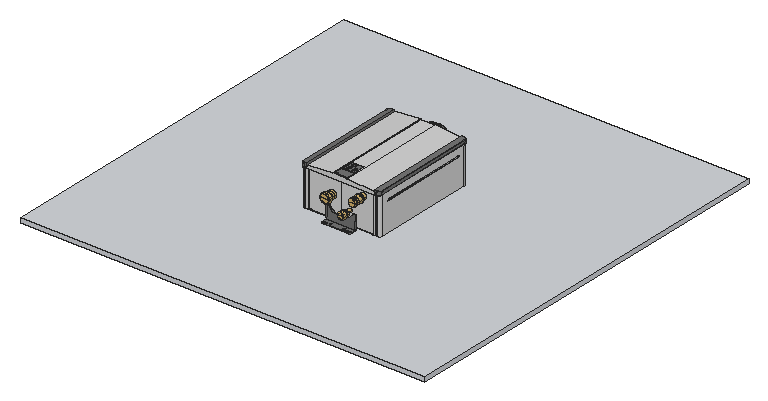
Revit family "Water_Heater-Rinnai-Ultra-Condensing-Tankless-RUC98i", category Mechanical Equipment, host Face, Revit 2012
Parameters (values of type "Standard")
  Width = 18 1/2"  # constant formula
  Wattage = 75 W
  Warranty URL = "https://www.rinnai.us/documentation/downloads/Ultra_Series_Warranty_English.pdf"
  Voltage = 120 V
  Venting = "Direct Vent system 3-4\" configurations"
  Unit = Metal - Rinnai - Aluminum Frame - Painted White
  URL = "https://rinnai.us/"
  Temperature Settings = "98° - 140° F"  # constant formula
  Subcategory = "Tankless Water Heaters"  # constant formula
  Spec Sheet URL = "https://www.rinnai.us/documentation/downloads/RUC98i-SP.pdf"
  Product Page URL = "https://rinnai.us/water-heater/product/ruc98i-reu-kbd3237ffud"
  Natural Gas = yes
  Model = "REU-KBD3237FFUD-US"  # constant formula
  Max Amperage = 8 A
  Manufacturer Phone - Toll Free = "800-621-9419"  # constant formula
  Manufacturer Phone = "800-621-9419"  # constant formula
  Manufacturer Fax = "678-829-1666"  # constant formula
  Manufacturer Email = "mailto:engineering@rinnai.us"
  Manufacturer Address = "103 International Drive, Peachtree City, GA 30269"  # constant formula
  Manufacturer = "Rinnai America Corporation"  # constant formula
  Liquid Propane = yes
  Interference = Glass - Rinnai - Clear - Amber
  Installation URL = "https://www.rinnai.us/documentation/downloads/100000367.pdf"
  Installation Location = "Indoor only"  # constant formula
  Ignition System = "Direct electronic ignition"  # constant formula
  Hot Water Connection = "Hot Water Connector"  # constant formula
  Height = 26"  # constant formula
  Panel = Metal - Rinnai - Aluminum Frame - Painted White
  Gas Supply Pressure Min = "4\" (NG); 8\" (Propane)"
  Gas Supply Pressure Max = "10.5\" (NG); 13.5\" (Propane)"
  Gas Manifold Pressure Low Fire = ".42\" (NG); .47\" (Propane)"
  Gas Manifold Pressure High Fire = "3\" (NG); 3.5\" (Propane)"
  Gas Input Rate = 199.0 Btu/h
  Gas Input Range = "15,200 - 199,000 BTU/h"  # constant formula
  Gas Connection = "Gas Connector"  # constant formula
  Frequency = 60 Hz
  Electrical Consumption Range = "Normal: 75 w, Standby: 2 w"  # constant formula
  Dry Weight = 61.70 lbf
  Description = "Tankless Water Heater"  # constant formula
  Depth = 10"  # constant formula
  Default Elevation = 48"
  Combustion Air = "Indoor"  # constant formula
  Combustibles = yes
  Cold Water Connection = "Cold Water Connector"  # constant formula
  Clearance for Top = 6"  # constant formula
  Clearance for Sides = 2"  # constant formula
  Clearance for Ground or Bottom = 12"  # constant formula
  Clearance for Front = 6"  # constant formula
  Cap = Metal - Rinnai - Aluminum - Polished Sliver
  Assembly Code = ""
  Applicable Altitude Range = "0-10,200ft (0-3,109m)"  # constant formula
  95 CSI = ""
  04 CSI = ""
Reference planes (in)
  plane 1 "Center (Front/Back)": y = 0
  plane 2: z = 0
  plane 3 "Center (Left/Right)": x = 0
  plane 4: y = 13
  plane 5: y = -13
  plane 6: x = -9.25
  plane 7: x = 9.25
  plane 8: z = 10.5501
  plane 9: z = 0.5501
  plane 10: y = -12.67027
Forms (in)
  Extrusion 1, solid
    sketch origin (0, 0, 0) x (1, 0, 0) y (0, 1, 0)
      loop
        line (-48, 48) -> (-48, -48) -> (48, -48) -> (48, 48) -> (-48, 48)
    from 0 to -1
  Sweep 2, solid, material "Glass - Rinnai - Clear - Amber" <- "Interference", not visible
    path origin (0, 0, 0) x (1, 0, 0) y (0, 1, 0)
      loop
        line (0, 19) -> (0, -25)
    profile origin (0, -3, 0) x (1, 0, 0) y (0, 0, 1)
      loop
        line (11.25, 16.72205) -> (-11.25, 16.72205) -> (-11.25, 0) -> (11.25, 0) -> (11.25, 16.72205)
Dimensions and locks (in)
  equal spacing: plane 6, plane 3 "Center (Left/Right)", plane 7
  "Width": plane 6 to plane 7
  equal spacing: plane 4, plane 1 "Center (Front/Back)", plane 5
  "Height": plane 4 to plane 5
  locked: level to plane 9 at 0.5501
  "Depth": plane 9 to plane 8
  aligned and locked: plane 2 to Extrusion 1
  aligned and locked: level to Extrusion 1
  aligned and locked: Sweep 2 sketch curve to plane 3 "Center (Left/Right)"
  aligned and locked: Sweep 2 sketch curve to Extrusion 1
  aligned and locked: plane 4 to nested 1
  aligned and locked: nested 1 to plane 2
  aligned and locked: nested 2 to plane 10
Automatic sketch dimensions
  Extrusion 1 sketch curve to Extrusion 1 sketch curve = 96"  (x2)
  plane 4 to Sweep 2 sketch curve = 6"
  plane 5 to Sweep 2 sketch curve = 12"
  profile plane to Sweep 2 sketch curve = 11 1/4"
  Sweep 2 sketch curve to profile plane = 11 1/4"
  Sweep 2 sketch curve to Sweep 2 sketch curve = 16.72205"
Nested families (in)
  nested 1: "Water Heater" at (-0.01433, 0.15, 0.59055), type "RUC98i"
  nested 2: "Pipes" at (0.375, -14.00885, 0), type "Pipes"
Connectors (in)
  piping at (5.07663, -15.93915, 7.82256), driven by "Gas Connection"
    settings: on nested 2, index 1, connector radius 0.8", flow factor 0, pipe flow 0.00 GPM, pressure drop 0.00 psi, fitting loss kfactor 0, connector angle 0.00°, fixture units 0, engagement length 0", flow configuration 0, flow direction 1, fitting loss method 0, system type 7, joint type 0, gender type 0, connector reference index -1, connector utility 1, adjustable connector no, is connector primary yes, fitting loss table "", connector description "Gas Connector"
  piping at (-2.19504, -14.95475, 5.73209), driven by "Cold Water Connection"
    settings: on nested 2, index 2, connector radius 1", flow factor 0, pipe flow 0.00 GPM, pressure drop 0.00 psi, fitting loss kfactor 0, connector angle 0.00°, fixture units 0, engagement length 0", flow configuration 0, flow direction 2, fitting loss method 0, system type 20, joint type 0, gender type 0, connector reference index -1, connector utility 1, adjustable connector no, is connector primary no, fitting loss table "", connector description "Cold Water Connector"
  piping at (2.02329, -15.52897, 3.75493), driven by "Hot Water Connection"
    settings: on nested 2, index 3, connector radius 0.7", flow factor 0, pipe flow 0.00 GPM, pressure drop 0.00 psi, fitting loss kfactor 0, connector angle 0.00°, fixture units 0, engagement length 0", flow configuration 0, flow direction 2, fitting loss method 0, system type 19, joint type 0, gender type 0, connector reference index -1, connector utility 1, adjustable connector no, is connector primary no, fitting loss table "", connector description "Hot Water Connector"
  piping at (-0.02414, 16.39706, 6.6882), driven by "Cold Water Connection"
    settings: on nested 1, index 4, connector radius 2", flow factor 0, pipe flow 0.00 GPM, pressure drop 0.00 psi, fitting loss kfactor 0, connector angle 0.00°, fixture units 0, engagement length 0", flow configuration 0, flow direction 1, fitting loss method 0, system type 20, joint type 0, gender type 0, connector reference index -1, connector utility 1, adjustable connector no, is connector primary no, fitting loss table "", connector description "Cold Water Connector"
Definition of nested family "Water Heater"
  Parameters (values of type "RUC98i")
    Unit = Metal - Rinnai - Aluminum Frame - Painted White
    Door = Metal - Rinnai - Aluminum - Polished Sliver
    Display = Metal - Rinnai - Aluminum Frame - Painted White
    Default Elevation = 48"
    Clamp = Metal - Rinnai - Aluminum Frame - Painted White
  Reference planes (in)
    plane 1 "Center (Front/Back)": y = 0
    plane 2: z = 0
    plane 3 "Center (Left/Right)": x = 0
    plane 4: y = 12.85
    plane 5: x = -9.25
    plane 6: x = 9.25
    plane 7: z = 10.1
    plane 8: z = 8.75945
    plane 9: z = -0.20842
    plane 10: z = 3.97008
    plane 11: x = 4.33
    plane 12: x = 1.17
    plane 13: z = 1.61008
    plane 14: x = -2.89
    plane 15: z = 3.20008
    plane 16: y = 15.52
    plane 17: x = 0
    plane 18: x = 5.09845
    plane 19: z = 7.0748
    plane 20: z = 2.99213
    plane 21: x = 2.10239
    plane 22: z = 5.00787
    plane 23: x = -2.12399
    plane 24: z = -0.59055
    plane 25: z = -0.15205
    plane 26: z = -0.59055
    plane 27: z = 2.71654
    plane 28: x = -3.49407
    plane 29: x = 3.46656
    plane 30: x = -3.49407
    plane 31: x = 3.46656
    plane 32: y = -13.15
    plane 33: z = 9.95876
  Forms (in)
    Extrusion 1, solid, material "Metal - Rinnai - Aluminum Frame - Painted White" <- "Unit", detail levels medium+fine
      sketch origin (0, 0, 0) x (1, 0, 0) y (0, 1, 0)
        loop
          arc (-8.5, 12.72578) -> (-9.03033, 12.50611) -> (-9.25, 11.97578) r 0.75
          line (-9.25, 11.97578) -> (-9.25, -12.07027)
          arc (-9.25, -12.07027) -> (-9.03033, -12.6006) -> (-8.5, -12.82027) r 0.75
          line (-8.5, -12.82027) -> (-7.75409, -12.82027)
          arc (-7.75409, -12.82027) -> (-7.72259, -12.78878) -> (-7.75409, -12.75728) r 0.0315
          line (-7.75409, -12.75728) -> (-8.33874, -12.75728)
          arc (-8.33874, -12.75728) -> (-8.86907, -12.53761) -> (-9.08874, -12.00728) r 0.75
          line (-9.08874, -12.00728) -> (-9.08874, 11.87342)
          arc (-9.08874, 11.87342) -> (-8.86907, 12.40375) -> (-8.33874, 12.62342) r 0.75
          line (-8.33874, 12.62342) -> (8.33874, 12.62342)
          arc (8.33874, 12.62342) -> (8.86907, 12.40375) -> (9.08874, 11.87342) r 0.75
          line (9.08874, 11.87342) -> (9.08874, -12.00728)
          arc (9.08874, -12.00728) -> (8.86907, -12.53761) -> (8.33874, -12.75728) r 0.75
          line (8.33874, -12.75728) -> (7.75409, -12.75728)
          arc (7.75409, -12.75728) -> (7.72259, -12.78878) -> (7.75409, -12.82027) r 0.0315
          line (7.75409, -12.82027) -> (8.5, -12.82027)
          arc (8.5, -12.82027) -> (9.03033, -12.6006) -> (9.25, -12.07027) r 0.75
          line (9.25, -12.07027) -> (9.25, 11.97578)
          arc (9.25, 11.97578) -> (9.03033, 12.50611) -> (8.5, 12.72578) r 0.75
          line (8.5, 12.72578) -> (-8.5, 12.72578)
      from -0.04045 to 8.98484
    Extrusion 2, solid, material "Metal - Rinnai - Aluminum Frame - Painted White" <- "Unit", detail levels medium+fine
      sketch origin (0, 0, 0) x (1, 0, 0) y (0, 1, 0)
        loop
          arc (-7.94561, -12.71791) -> (-7.96958, -12.73044) -> (-7.97296, -12.75728) r 0.02918
          line (-7.97296, -12.75728) -> (0.00974, -12.75728) -> (7.97296, -12.75728)
          arc (7.97296, -12.75728) -> (7.96958, -12.73044) -> (7.94561, -12.71791) r 0.02918
          line (7.94561, -12.71791) -> (-0.00497, -12.71791) -> (-7.94561, -12.71791)
      from 0 to 8.75945
    Sweep 3, solid, material "Metal - Rinnai - Aluminum Frame - Painted White" <- "Unit", detail levels medium+fine
      path origin (-19.30772, -180, -0.04045) x (-1, 0, 0) y (0, -1, 0)
        loop
          line (-27.06181, -167.17973) -> (-27.80772, -167.17973)
          arc (-27.80772, -167.17973) -> (-28.33805, -167.3994) -> (-28.55772, -167.92973) r 0.75
          line (-28.55772, -167.92973) -> (-28.55772, -191.97578)
          arc (-28.55772, -191.97578) -> (-28.33805, -192.50611) -> (-27.80772, -192.72578) r 0.75
          line (-27.80772, -192.72578) -> (-10.80772, -192.72578)
          arc (-10.80772, -192.72578) -> (-10.27739, -192.50611) -> (-10.05772, -191.97578) r 0.75
          line (-10.05772, -191.97578) -> (-10.05772, -167.92973)
          arc (-10.05772, -167.92973) -> (-10.27739, -167.3994) -> (-10.80772, -167.17973) r 0.75
          line (-10.80772, -167.17973) -> (-11.55363, -167.17973)
      profile origin (8.12705, -12.82027, -0.04045) x (0, 1, 0) y (0, 0, 1)
        loop
          arc (0, 0.0315) -> (0.00922, 0.00922) -> (0.0315, 0) r 0.0315
          line (0.0315, 0) -> (0.0315, 0.0315) -> (0, 0.0315)
    Extrusion 4, void, detail levels medium+fine
      sketch origin (0, 0, 0.23337) x (1, 0, 0) y (0, 0, 1)
        loop
          line (9.53125, 10.9934) -> (-9.53125, 10.9934) -> (-9.53125, 8.72022) -> (-8.09256, 8.72022) -> (-8.09256, 9.1595)
          arc (-8.09256, 9.1595) -> (-4.06175, 9.66364) -> (0, 9.72539) r 37.20967
          arc (0, 9.72539) -> (4.06175, 9.66364) -> (8.09256, 9.1595) r 37.20967
          line (8.09256, 9.1595) -> (8.09256, 8.72022) -> (9.53125, 8.72022) -> (9.53125, 10.9934)
      from -15.04938 to 15.10382
    Extrusion 5, solid, material "Metal - Rinnai - Aluminum Frame - Painted White" <- "Display", detail levels medium+fine
      sketch origin (0, 0, 0) x (1, 0, 0) y (0, 1, 0)
        loop
          line (8.58208, 12.85) -> (-8.63521, 12.85)
          arc (-8.63521, 12.85) -> (-9.06993, 12.66993) -> (-9.25, 12.23521) r 0.61479
          line (-9.25, 12.23521) -> (-9.25, -12.55655)
          arc (-9.25, -12.55655) -> (-9.07618, -12.97618) -> (-8.65655, -13.15) r 0.59345
          line (-8.65655, -13.15) -> (8.56688, -13.15)
          arc (8.56688, -13.15) -> (9.04992, -12.94992) -> (9.25, -12.46688) r 0.68312
          line (9.25, -12.46688) -> (9.25, 12.18208)
          arc (9.25, 12.18208) -> (9.05437, 12.65437) -> (8.58208, 12.85) r 0.66792
      from 8.75945 to 10.8032
    Extrusion 6, solid, material "Metal - Rinnai - Aluminum - Polished Sliver" <- "Door", detail levels medium+fine
      sketch origin (0, 0, 0) x (1, 0, 0) y (0, 1, 0)
        loop
          arc (-8.52756, 12.84217) -> (-9.05789, 12.6225) -> (-9.27756, 12.09217) r 0.75
          line (-9.27756, 12.09217) -> (-9.27756, -12.4)
          arc (-9.27756, -12.4) -> (-9.05789, -12.93033) -> (-8.52756, -13.15) r 0.75
          line (-8.52756, -13.15) -> (-8.09256, -13.15) -> (-8.09256, 12.84217) -> (-8.52756, 12.84217)
        loop
          line (8.52756, 12.84217) -> (8.09256, 12.84217) -> (8.09256, -13.15) -> (8.52756, -13.15)
          arc (8.52756, -13.15) -> (9.05789, -12.93033) -> (9.27756, -12.4) r 0.75
          line (9.27756, -12.4) -> (9.27756, 12.09217)
          arc (9.27756, 12.09217) -> (9.05789, 12.6225) -> (8.52756, 12.84217) r 0.75
      from 8.95359 to 9.96783
    Extrusion 7, solid, material "Metal - Rinnai - Aluminum Frame - Painted White" <- "Unit", detail levels coarse
      sketch origin (0, 0, 0) x (1, 0, 0) y (0, 1, 0)
        loop
          line (9.25, -14.56214) -> (9.25, 16.24706) -> (-9.25, 16.24706) -> (-9.25, -14.56214) -> (9.25, -14.56214)
      from -0.59055 to 9.95876
    Extrusion 8, solid, material "Metal - Rinnai - Aluminum Frame - Painted White" <- "Unit", detail levels medium+fine
      sketch origin (0, 0, 0) x (1, 0, 0) y (0, 1, 0)
        loop
          arc (-7.94561, -12.71791) -> (-7.96958, -12.73044) -> (-7.97296, -12.75728) r 0.02918
          line (-7.97296, -12.75728) -> (0.00974, -12.75728) -> (7.97296, -12.75728)
          arc (7.97296, -12.75728) -> (7.96958, -12.73044) -> (7.94561, -12.71791) r 0.02918
          line (7.94561, -12.71791) -> (-0.00497, -12.71791) -> (-7.94561, -12.71791)
      from 0 to 8.75945
    Extrusion 9, void
      sketch origin (0, 0, 0.15514) x (1, 0, 0) y (0, 0, 1)
        loop
          arc (1.60849, 9.74656) -> (1.69001, 9.75729) -> (1.76597, 9.78875) r 0.31496
          line (1.76597, 9.78875) -> (2.03915, 9.94647)
          arc (2.03915, 9.94647) -> (2.1341, 9.9858) -> (2.236, 9.99922) r 0.3937
          line (2.236, 9.99922) -> (2.236, 10.43872) -> (-2.23606, 10.43872) -> (-2.23606, 9.99922)
          arc (-2.23606, 9.99922) -> (-2.13416, 9.9858) -> (-2.0392, 9.94647) r 0.3937
          line (-2.0392, 9.94647) -> (-1.76603, 9.78875)
          arc (-1.76603, 9.78875) -> (-1.69007, 9.75729) -> (-1.60855, 9.74656) r 0.31496
          line (-1.60855, 9.74656) -> (1.60849, 9.74656)
      from -14.53617 to 14.5778
    Extrusion 10, solid, material "Metal - Rinnai - Aluminum Frame - Painted White" <- "Unit", detail levels medium+fine
      sketch origin (0, 0, 0) x (1, 0, 0) y (0, 1, 0)
        loop
          arc (-9.08874, -12.00728) -> (-8.86907, -12.53761) -> (-8.33874, -12.75728) r 0.75
          line (-8.33874, -12.75728) -> (-7.75409, -12.75728) -> (8.33874, -12.75728)
          arc (8.33874, -12.75728) -> (8.86907, -12.53761) -> (9.08874, -12.00728) r 0.75
          line (9.08874, -12.00728) -> (9.08874, 11.87342)
          arc (9.08874, 11.87342) -> (8.86907, 12.40375) -> (8.33874, 12.62342) r 0.75
          line (8.33874, 12.62342) -> (-8.33874, 12.62342)
          arc (-8.33874, 12.62342) -> (-8.86907, 12.40375) -> (-9.08874, 11.87342) r 0.75
          line (-9.08874, 11.87342) -> (-9.08874, -12.00728)
      from -0.01923 to 0
    Revolve 11, void
      sketch origin (9.3125, 0, 0) x (0, 1, 0) y (0, 0, 1)
        loop
          arc (10.67775, 6.82414) -> (10.62581, 6.97256) -> (10.48169, 7.03543) r 0.19661
          line (10.48169, 7.03543) -> (-10.77815, 7.03543)
          arc (-10.77815, 7.03543) -> (-10.92236, 6.97257) -> (-10.97447, 6.82414) r 0.19685
          line (-10.97447, 6.82414) -> (10.67775, 6.82414)
        axis (-10.97447, 6.82414) -> (10.67775, 6.82414)
      angle from 180 to -180
    Revolve 12, void
      sketch origin (-9.3125, 0, 0) x (0, 1, 0) y (0, 0, -1)
        loop
          line (10.67775, -6.82414) -> (-10.97447, -6.82414)
          arc (-10.97447, -6.82414) -> (-10.92236, -6.97257) -> (-10.77815, -7.03543) r 0.19685
          line (-10.77815, -7.03543) -> (10.48169, -7.03543)
          arc (10.48169, -7.03543) -> (10.62581, -6.97256) -> (10.67775, -6.82414) r 0.19661
        axis (-10.97447, -6.82414) -> (10.67775, -6.82414)
      angle from 180 to -180
    Extrusion 13, void
      sketch origin (0, 0, 0) x (1, 0, 0) y (0, 0, 1)
        loop
          line (8.09256, 9.80952) -> (8.09256, 8.95359) -> (9.26381, 8.95359) -> (9.26381, 9.56753)
          arc (9.26381, 9.56753) -> (9.24465, 9.61941) -> (9.19638, 9.64641) r 0.07985
          arc (9.19638, 9.64641) -> (8.64485, 9.73057) -> (8.09256, 9.80952) r 59.05511
        loop
          line (7.89256, 10.28429) -> (7.89256, 8.78484) -> (9.46381, 8.78484) -> (9.46381, 10.28429) -> (7.89256, 10.28429)
        loop
          arc (-8.09256, 9.81284) -> (-8.65523, 9.7325) -> (-9.21711, 9.64675) r 59.05517
          arc (-9.21711, 9.64675) -> (-9.26586, 9.61948) -> (-9.28521, 9.56708) r 0.08065
          line (-9.28521, 9.56708) -> (-9.28521, 8.95359) -> (-8.09256, 8.95359) -> (-8.09256, 9.81284)
        loop
          line (-7.9166, 10.28429) -> (-9.48785, 10.28429) -> (-9.48785, 8.78484) -> (-7.9166, 8.78484) -> (-7.9166, 10.28429)
      from -13.68838 to 17.90298
    Sweep 14, solid, material "Metal - Rinnai - Aluminum - Polished Sliver" <- "Door", detail levels medium+fine
      path origin (-13.16941, 14.83211, 50.52353) x (-1, 0, 0) y (0, 0, 1)
        loop
          circle (-13.15378, -44.53915) r 2.53
      profile origin (-0.01562, 14.83211, 3.45438) x (0, 0, -1) y (0, 1, 0)
        loop
          line (0.37891, -0.23622) -> (0.37891, -0.03937) -> (0.33954, 0) -> (0.16569, 0) -> (0.16569, -0.33502)
          arc (0.16569, -0.33502) -> (0.14814, -0.35064) -> (0.13195, -0.36767) r 0.2815
          arc (0.13195, -0.36767) -> (0.11933, -0.38713) -> (0.11491, -0.4099) r 0.06083
          line (0.11491, -0.4099) -> (0.11491, -1.95032) -> (-1.17806, -1.95032) -> (-1.17806, -0.4879)
          arc (-1.17806, -0.4879) -> (-1.06496, -0.34731) -> (-1.16611, -0.1979) r 0.15183
          line (-1.16611, -0.1979) -> (-0.96822, 0) -> (-1.21033, 0) -> (-1.21033, -1.98252) -> (0.34038, -1.98252)
          arc (0.34038, -1.98252) -> (0.31582, -1.95579) -> (0.30691, -1.9206) r 0.07401
          line (0.30691, -1.9206) -> (0.30691, -1.79773)
          arc (0.30691, -1.79773) -> (0.30167, -1.77782) -> (0.28731, -1.76308) r 0.04042
          line (0.28731, -1.76308) -> (0.1536, -1.68273)
          arc (0.1536, -1.68273) -> (0.1399, -1.66867) -> (0.13491, -1.6497) r 0.03854
          line (0.13491, -1.6497) -> (0.13491, -0.4099)
          arc (0.13491, -0.4099) -> (0.13796, -0.3944) -> (0.14666, -0.38123) r 0.04083
          arc (0.14666, -0.38123) -> (0.15771, -0.36931) -> (0.16948, -0.35809) r 0.2615
          arc (0.16948, -0.35809) -> (0.18137, -0.34116) -> (0.18569, -0.32093) r 0.05188
          line (0.18569, -0.32093) -> (0.18569, -0.23622) -> (0.37891, -0.23622)
    Extrusion 15, solid, material "Metal - Rinnai - Aluminum - Polished Sliver" <- "Door", detail levels medium+fine
      sketch origin (0, 0, 0.5625) x (1, 0, 0) y (0, 0, 1)
        loop
          circle (-0.01562, 5.48437) r 2.76047
      from -14.79274 to -12.85
    Revolve 16, solid, material "Metal - Rinnai - Aluminum - Polished Sliver" <- "Door", detail levels medium+fine
      sketch origin (0, 0, 6.09765) x (1, 0, 0) y (0, 1, 0)
        loop
          line (-1.83176, 16.24706) -> (-1.98816, 16.24706) -> (-1.98816, 14.94785) -> (-2.76607, 14.94785) -> (-2.76607, 14.86911) -> (-2.73103, 14.86911) -> (-2.73103, 14.83211) -> (-1.83176, 14.83211) -> (-1.83176, 16.24706)
        axis (-0.00981, 16.24706) -> (-0.00981, 14.83211)
      angle from 0 to 360
    Revolve 17, solid, material "Metal - Rinnai - Aluminum - Polished Sliver" <- "Door", detail levels medium+fine
      sketch origin (0, 0, 6.125) x (1, 0, 0) y (0, 1, 0)
        loop
          line (-5.91926, 14.07835) -> (-7.98619, 14.07835) -> (-7.98619, 13.99961) -> (-7.89841, 13.99961) -> (-7.89841, 13.01817) -> (-5.91926, 13.01817) -> (-5.91926, 14.07835)
        axis (-5.91926, 14.07835) -> (-5.91926, 13.01817)
      angle from 0 to 360
    Extrusion 18, solid, material "Metal - Rinnai - Aluminum - Polished Sliver" <- "Door", detail levels medium+fine
      sketch origin (0, 0, 0) x (1, 0, 0) y (0, 0, 1)
        loop
          line (-4.80706, 8.4142) -> (-7.03147, 8.4142)
          arc (-7.03147, 8.4142) -> (-7.91535, 8.04808) -> (-8.28147, 7.1642) r 1.25
          line (-8.28147, 7.1642) -> (-8.28147, 4.93979)
          arc (-8.28147, 4.93979) -> (-7.91535, 4.05591) -> (-7.03147, 3.68979) r 1.25
          line (-7.03147, 3.68979) -> (-4.80706, 3.68979)
          arc (-4.80706, 3.68979) -> (-3.92318, 4.05591) -> (-3.55706, 4.93979) r 1.25
          line (-3.55706, 4.93979) -> (-3.55706, 7.1642)
          arc (-3.55706, 7.1642) -> (-3.92318, 8.04808) -> (-4.80706, 8.4142) r 1.25
      from -13.01929 to -12.85
    Extrusion 19, solid, material "Metal - Rinnai - Aluminum - Polished Sliver" <- "Door", detail levels medium+fine
      sketch origin (0, 0, 0) x (1, 0, 0) y (0, 0, 1)
        loop
          arc (-1.21257, 9.00081) -> (-2.45001, 8.48825) -> (-2.96257, 7.25081) r 1.75
          line (-2.96257, 7.25081) -> (-2.96257, 4.8453)
          arc (-2.96257, 4.8453) -> (-2.45001, 3.60786) -> (-1.21257, 3.0953) r 1.75
          line (-1.21257, 3.0953) -> (1.19294, 3.0953)
          arc (1.19294, 3.0953) -> (2.43038, 3.60786) -> (2.94294, 4.8453) r 1.75
          line (2.94294, 4.8453) -> (2.94294, 7.25081)
          arc (2.94294, 7.25081) -> (2.43038, 8.48825) -> (1.19294, 9.00081) r 1.75
          line (1.19294, 9.00081) -> (-1.21257, 9.00081)
      from -13.07589 to -12.85
    Extrusion 20, solid, material "Metal - Rinnai - Aluminum - Polished Sliver" <- "Door", detail levels fine
      sketch origin (0, 0, -0.38213) x (1, 0, 0) y (0, 1, 0)
        loop
          arc (3.16143, -14.56214) -> (3.37644, -14.47309) -> (3.4655, -14.25808) r 0.30406
          line (3.4655, -14.25808) -> (3.4655, -12.96102) -> (-3.49587, -12.96102) -> (-3.49587, -14.26214)
          arc (-3.49587, -14.26214) -> (-3.408, -14.47428) -> (-3.19587, -14.56214) r 0.3
          line (-3.19587, -14.56214) -> (3.16143, -14.56214)
        loop
          circle (-1.59298, -13.97618) r 0.25
        loop
          circle (1.5508, -13.97618) r 0.25
        loop
          line (-2.3676, -14.17829) -> (-2.78179, -14.17829)
          arc (-2.78179, -14.17829) -> (-2.88969, -14.28619) -> (-2.78179, -14.3941) r 0.10791
          line (-2.78179, -14.3941) -> (-2.3676, -14.3941)
          arc (-2.3676, -14.3941) -> (-2.2597, -14.28619) -> (-2.3676, -14.17829) r 0.10791
        loop
          line (2.75077, -14.17829) -> (2.33658, -14.17829)
          arc (2.33658, -14.17829) -> (2.22868, -14.28619) -> (2.33658, -14.3941) r 0.10791
          line (2.33658, -14.3941) -> (2.75077, -14.3941)
          arc (2.75077, -14.3941) -> (2.85867, -14.28619) -> (2.75077, -14.17829) r 0.10791
        loop
          line (-3.27923, -14.1083) -> (-3.27923, -14.18773)
          arc (-3.27923, -14.18773) -> (-3.16209, -14.30487) -> (-3.04495, -14.18773) r 0.11714
          line (-3.04495, -14.18773) -> (-3.04495, -14.1083)
          arc (-3.04495, -14.1083) -> (-3.16209, -13.99116) -> (-3.27923, -14.1083) r 0.11714
        loop
          line (3.01764, -14.1083) -> (3.01764, -14.18773)
          arc (3.01764, -14.18773) -> (3.13478, -14.30487) -> (3.25192, -14.18773) r 0.11714
          line (3.25192, -14.18773) -> (3.25192, -14.1083)
          arc (3.25192, -14.1083) -> (3.13478, -13.99116) -> (3.01764, -14.1083) r 0.11714
      from -0.20842 to -0.15205
    Extrusion 21, solid, material "Metal - Rinnai - Aluminum - Polished Sliver" <- "Door", detail levels fine
      sketch origin (0, 0, -0.38213) x (1, 0, 0) y (0, 0, 1)
        loop
          line (-3.49407, 2.92296) -> (-3.49407, -0.15205) -> (3.46656, -0.15205) -> (3.46656, 2.92867)
          arc (3.46656, 2.92867) -> (3.4351, 3.00463) -> (3.35914, 3.03609) r 0.10742
          line (3.35914, 3.03609) -> (2.88285, 3.03609)
          arc (2.88285, 3.03609) -> (2.78786, 3.01065) -> (2.71831, 2.94112) r 0.19
          arc (2.71831, 2.94112) -> (-0.01202, 1.36468) -> (-2.74289, 2.94019) r 3.15356
          arc (-2.74289, 2.94019) -> (-2.81314, 3.0104) -> (-2.90908, 3.03609) r 0.19195
          line (-2.90908, 3.03609) -> (-3.38094, 3.03609)
          arc (-3.38094, 3.03609) -> (-3.46093, 3.00296) -> (-3.49407, 2.92296) r 0.11313
      from 12.81977 to 12.96102
    Extrusion 22, solid, material "Metal - Rinnai - Aluminum - Polished Sliver" <- "Door", detail levels fine
      sketch origin (0, 0, -0.38213) x (0, 1, 0) y (0, 0, 1)
        loop
          line (-12.89803, 0.24165) -> (-12.89803, 1.71409) -> (-13.05411, 1.71409)
          arc (-13.05411, 1.71409) -> (-13.13862, 1.67908) -> (-13.17362, 1.59457) r 0.11952
          line (-13.17362, 1.59457) -> (-13.17362, 0.36212)
          arc (-13.17362, 0.36212) -> (-13.13834, 0.27693) -> (-13.05315, 0.24165) r 0.12047
          line (-13.05315, 0.24165) -> (-12.89803, 0.24165)
      from 3.46656 to 3.52956
    Extrusion 23, solid, material "Metal - Rinnai - Aluminum - Polished Sliver" <- "Door", detail levels fine
      sketch origin (0, 0, -0.38213) x (0, 1, 0) y (0, 0, 1)
        loop
          line (-12.89803, 0.24165) -> (-12.89803, 2.74304) -> (-13.05362, 2.74304)
          arc (-13.05362, 2.74304) -> (-13.13847, 2.7079) -> (-13.17362, 2.62304) r 0.12
          line (-13.17362, 2.62304) -> (-13.17362, 0.36212)
          arc (-13.17362, 0.36212) -> (-13.13834, 0.27693) -> (-13.05315, 0.24165) r 0.12047
          line (-13.05315, 0.24165) -> (-12.89803, 0.24165)
      from -3.55706 to -3.49407
    Extrusion 24, solid, material "Metal - Rinnai - Aluminum - Polished Sliver" <- "Door", detail levels fine
      sketch origin (0, -0.07813, -0.38213) x (1, 0, 0) y (0, 1, 0)
        loop
          line (3.16143, 14.27598) -> (-3.19587, 14.27598)
          arc (-3.19587, 14.27598) -> (-3.408, 14.18812) -> (-3.49587, 13.97598) r 0.3
          line (-3.49587, 13.97598) -> (-3.49587, 12.80391) -> (3.4655, 12.80391) -> (3.4655, 13.97192)
          arc (3.4655, 13.97192) -> (3.37644, 14.18693) -> (3.16143, 14.27598) r 0.30406
        loop
          circle (-1.59298, 13.69002) r 0.25
        loop
          circle (1.5508, 13.69002) r 0.25
        loop
          arc (-2.3676, 13.89213) -> (-2.2597, 14.00003) -> (-2.3676, 14.10794) r 0.10791
          line (-2.3676, 14.10794) -> (-2.78179, 14.10794)
          arc (-2.78179, 14.10794) -> (-2.88969, 14.00003) -> (-2.78179, 13.89213) r 0.10791
          line (-2.78179, 13.89213) -> (-2.3676, 13.89213)
        loop
          arc (2.75077, 13.89213) -> (2.85867, 14.00003) -> (2.75077, 14.10794) r 0.10791
          line (2.75077, 14.10794) -> (2.33658, 14.10794)
          arc (2.33658, 14.10794) -> (2.22868, 14.00003) -> (2.33658, 13.89213) r 0.10791
          line (2.33658, 13.89213) -> (2.75077, 13.89213)
        loop
          arc (-3.27923, 13.82214) -> (-3.16209, 13.705) -> (-3.04495, 13.82214) r 0.11714
          line (-3.04495, 13.82214) -> (-3.04495, 13.90157)
          arc (-3.04495, 13.90157) -> (-3.16209, 14.01871) -> (-3.27923, 13.90157) r 0.11714
          line (-3.27923, 13.90157) -> (-3.27923, 13.82214)
        loop
          arc (3.01764, 13.82214) -> (3.13478, 13.705) -> (3.25192, 13.82214) r 0.11714
          line (3.25192, 13.82214) -> (3.25192, 13.90157)
          arc (3.25192, 13.90157) -> (3.13478, 14.01871) -> (3.01764, 13.90157) r 0.11714
          line (3.01764, 13.90157) -> (3.01764, 13.82214)
      from -0.20842 to -0.15205
    Extrusion 25, solid, material "Metal - Rinnai - Aluminum - Polished Sliver" <- "Door", detail levels fine
      sketch origin (0, -0.07813, -0.38213) x (1, 0, 0) y (0, 0, -1)
        loop
          arc (-3.49407, -2.92296) -> (-3.46093, -3.00296) -> (-3.38094, -3.03609) r 0.11313
          line (-3.38094, -3.03609) -> (-2.90908, -3.03609)
          arc (-2.90908, -3.03609) -> (-2.81314, -3.0104) -> (-2.74289, -2.94019) r 0.19195
          arc (-2.74289, -2.94019) -> (-0.01202, -1.36468) -> (2.71831, -2.94112) r 3.15356
          arc (2.71831, -2.94112) -> (2.78786, -3.01065) -> (2.88285, -3.03609) r 0.19
          line (2.88285, -3.03609) -> (3.35914, -3.03609)
          arc (3.35914, -3.03609) -> (3.4351, -3.00463) -> (3.46656, -2.92867) r 0.10742
          line (3.46656, -2.92867) -> (3.46656, 0.15205) -> (-3.49407, 0.15205) -> (-3.49407, -2.92296)
      from 12.81977 to 12.96102
    Extrusion 26, solid, material "Metal - Rinnai - Aluminum - Polished Sliver" <- "Door", detail levels fine
      sketch origin (0, -0.07813, -0.38213) x (0, -1, 0) y (0, 0, -1)
        loop
          line (-12.89803, -0.24165) -> (-13.05315, -0.24165)
          arc (-13.05315, -0.24165) -> (-13.13834, -0.27693) -> (-13.17362, -0.36212) r 0.12047
          line (-13.17362, -0.36212) -> (-13.17362, -1.59457)
          arc (-13.17362, -1.59457) -> (-13.13862, -1.67908) -> (-13.05411, -1.71409) r 0.11952
          line (-13.05411, -1.71409) -> (-12.89803, -1.71409) -> (-12.89803, -0.24165)
      from 3.46656 to 3.52956
    Extrusion 27, solid, material "Metal - Rinnai - Aluminum - Polished Sliver" <- "Door", detail levels fine
      sketch origin (0, -0.07813, -0.38213) x (0, -1, 0) y (0, 0, -1)
        loop
          line (-12.89803, -0.24165) -> (-13.05315, -0.24165)
          arc (-13.05315, -0.24165) -> (-13.13834, -0.27693) -> (-13.17362, -0.36212) r 0.12047
          line (-13.17362, -0.36212) -> (-13.17362, -2.62304)
          arc (-13.17362, -2.62304) -> (-13.13847, -2.7079) -> (-13.05362, -2.74304) r 0.12
          line (-13.05362, -2.74304) -> (-12.89803, -2.74304) -> (-12.89803, -0.24165)
      from -3.55706 to -3.49407
    Extrusion 28, solid, material "Metal - Rinnai - Aluminum - Polished Sliver" <- "Door", detail levels fine
      sketch origin (0, 0, -0.19831) x (1, 0, 0) y (0, 1, 0)
        loop
          arc (-1.42723, -10.7438) -> (-1.46966, -10.76138) -> (-1.48723, -10.8038) r 0.06
          line (-1.48723, -10.8038) -> (-1.48723, -12.5588)
          arc (-1.48723, -12.5588) -> (-1.46966, -12.60123) -> (-1.42723, -12.6188) r 0.06
          line (-1.42723, -12.6188) -> (1.55033, -12.6188)
          arc (1.55033, -12.6188) -> (1.59275, -12.60123) -> (1.61033, -12.5588) r 0.06
          line (1.61033, -12.5588) -> (1.61033, -10.8038)
          arc (1.61033, -10.8038) -> (1.59275, -10.76138) -> (1.55033, -10.7438) r 0.06
          line (1.55033, -10.7438) -> (-1.42723, -10.7438)
      from 10.1 to 10.11749
    Extrusion 29, solid, material "Metal - Rinnai - Aluminum - Polished Sliver" <- "Door", detail levels fine
      sketch origin (0.00084, -0.00258, -0.19831) x (1, 0, 0) y (0, 1, 0)
        loop
          line (1.32811, -7.7622) -> (-1.29535, -7.7622)
          arc (-1.29535, -7.7622) -> (-1.33885, -7.78022) -> (-1.35686, -7.82371) r 0.06151
          line (-1.35686, -7.82371) -> (-1.35686, -10.61953)
          arc (-1.35686, -10.61953) -> (-1.33929, -10.66195) -> (-1.29686, -10.67953) r 0.06
          line (-1.29686, -10.67953) -> (1.32811, -10.67953)
          arc (1.32811, -10.67953) -> (1.37054, -10.66195) -> (1.38811, -10.61953) r 0.06
          line (1.38811, -10.61953) -> (1.38811, -7.8222)
          arc (1.38811, -7.8222) -> (1.37054, -7.77978) -> (1.32811, -7.7622) r 0.06
      from 10.1 to 10.11749
    Extrusion 30, solid, material "Metal - Rinnai - Aluminum - Polished Sliver" <- "Door", detail levels fine
      sketch origin (0.00084, -0.00258, -0.19831) x (1, 0, 0) y (0, 1, 0)
        loop
          arc (-0.92066, -8.05945) -> (-0.9456, -8.06978) -> (-0.95593, -8.09472) r 0.03527
          line (-0.95593, -8.09472) -> (-0.95593, -8.55363)
          arc (-0.95593, -8.55363) -> (-0.94421, -8.58191) -> (-0.91593, -8.59363) r 0.04
          line (-0.91593, -8.59363) -> (-0.09049, -8.59363)
          arc (-0.09049, -8.59363) -> (-0.06221, -8.58191) -> (-0.05049, -8.55363) r 0.04
          line (-0.05049, -8.55363) -> (-0.05049, -8.09945)
          arc (-0.05049, -8.09945) -> (-0.06221, -8.07116) -> (-0.09049, -8.05945) r 0.04
          line (-0.09049, -8.05945) -> (-0.92066, -8.05945)
        loop
          circle (-0.62666, -9.44903) r 0.25
        loop
          circle (-0.62666, -10.15775) r 0.25
        loop
          circle (0.68748, -10.15775) r 0.25
        loop
          circle (0.68748, -9.45117) r 0.25
      from 10.11749 to 10.12686
  Cuts and joins
    Extrusion 4, Extrusion 9 cuts Extrusion 5
    Extrusion 13 cuts Extrusion 6
    Revolve 11, Revolve 12 cuts Extrusion 1
    Revolve 11, Revolve 12 cuts Sweep 3
    Revolve 11, Revolve 12 cuts Extrusion 10
    joined: Extrusion 1, Sweep 3, Extrusion 10
  Lines and regions (in)
    Masking region 1, detail levels medium+fine
      outline origin (0, 0, 0) x (1, 0, 0) y (0, 1, 0)
        loop
          line (-1.98816, 16.24706) -> (-1.98816, 14.94785) -> (-2.76607, 14.94785) -> (-2.76607, 14.86911) -> (-2.73103, 14.86911) -> (-2.73103, 14.83211) -> (-2.88516, 14.83211) -> (-2.92453, 14.79274) -> (-2.92453, 14.59589) -> (-2.77584, 14.59589) -> (-2.77584, 13.10285) -> (-2.82252, 13.07589) -> (-2.96257, 13.07589) -> (-2.96257, 12.85) -> (-3.55706, 12.85) -> (-3.55706, 13.01929) -> (-3.94024, 13.01929) -> (-3.94024, 13.99961) -> (-3.85233, 13.99961) -> (-3.85233, 14.07835) -> (-7.98619, 14.07835) -> (-7.98619, 13.99961) -> (-7.89841, 13.99961) -> (-7.89841, 13.01817) -> (-8.28664, 13.01817) -> (-8.28664, 12.84217) -> (-8.52756, 12.84217)
          arc (-8.52756, 12.84217) -> (-9.00467, 12.67084) -> (-9.26381, 12.23514) r 0.75
          line (-9.26381, 12.23514) -> (-9.26381, -12.54296)
          arc (-9.26381, -12.54296) -> (-9.00467, -12.97867) -> (-8.52756, -13.15) r 0.75
          line (-8.52756, -13.15) -> (8.52756, -13.15)
          arc (8.52756, -13.15) -> (9.00467, -12.97867) -> (9.26381, -12.54296) r 0.75
          line (9.26381, -12.54296) -> (9.26381, 12.16566)
          arc (9.26381, 12.16566) -> (9.06337, 12.64956) -> (8.57946, 12.85) r 0.68434
          line (8.57946, 12.85) -> (2.94304, 12.85) -> (2.94304, 13.07589) -> (2.79127, 13.07589) -> (2.74459, 13.10285) -> (2.74459, 14.59589) -> (2.89328, 14.59589) -> (2.89328, 14.79274) -> (2.85391, 14.83211) -> (2.7115, 14.83211) -> (2.7115, 14.86911) -> (2.74654, 14.86911) -> (2.74654, 14.94785) -> (1.96863, 14.94785) -> (1.96863, 16.24706) -> (-1.98816, 16.24706)
    Masking region 2, detail levels coarse
      outline origin (0, 0, 0) x (1, 0, 0) y (0, 0, 1)
        loop
          line (9.25, 9.95876) -> (-9.25, 9.95876) -> (-9.25, -0.59055) -> (9.25, -0.59055) -> (9.25, 9.95876)
    Masking region 3, detail levels medium+fine
      outline origin (0, 0, 0) x (1, 0, 0) y (0, 0, 1)
        loop
          line (8.09256, 9.80952) -> (8.09256, 9.39287)
          arc (8.09256, 9.39287) -> (4.97809, 9.82155) -> (1.83855, 9.98579) r 37.20967
          line (1.83855, 9.98579) -> (1.76597, 9.94389)
          arc (1.76597, 9.94389) -> (1.69001, 9.91242) -> (1.60849, 9.90169) r 0.31496
          line (1.60849, 9.90169) -> (-1.60849, 9.90169)
          arc (-1.60849, 9.90169) -> (-1.69001, 9.91242) -> (-1.76597, 9.94389) r 0.31496
          line (-1.76597, 9.94389) -> (-1.83855, 9.98579)
          arc (-1.83855, 9.98579) -> (-4.97809, 9.82155) -> (-8.09256, 9.39287) r 37.20967
          line (-8.09256, 9.39287) -> (-8.09256, 9.80952)
          arc (-8.09256, 9.80952) -> (-8.64485, 9.73057) -> (-9.19638, 9.64641) r 59.05511
          arc (-9.19638, 9.64641) -> (-9.24465, 9.61941) -> (-9.26381, 9.56753) r 0.07985
          line (-9.26381, 9.56753) -> (-9.26381, 8.98484) -> (-8.72984, 8.98484) -> (-8.78397, 8.95359) -> (-9.25, 8.95359) -> (-9.25, -0.04045) -> (-3.55706, -0.04045) -> (-3.55706, -0.14048) -> (-3.49407, -0.14048) -> (-3.49407, -0.5884) -> (3.46744, -0.5884) -> (3.46744, -0.14019) -> (3.52876, -0.14019) -> (3.52876, -0.04046) -> (9.25046, -0.04046) -> (9.25046, 8.95359) -> (8.78397, 8.95359) -> (8.72984, 8.98484) -> (9.26381, 8.98484) -> (9.26381, 9.56753)
          arc (9.26381, 9.56753) -> (9.24465, 9.61941) -> (9.19638, 9.64641) r 0.07985
          arc (9.19638, 9.64641) -> (8.64485, 9.73057) -> (8.09256, 9.80952) r 59.05511
    Masking region 4, detail levels coarse
      outline origin (0, 0, 0) x (0, 1, 0) y (0, 0, 1)
        loop
          line (16.24706, 9.95876) -> (-14.56214, 9.95876) -> (-14.56214, -0.59055) -> (16.24706, -0.59055) -> (16.24706, 9.95876)
    Masking region 5, detail levels medium+fine
      outline origin (0, 0, 0) x (0, 1, 0) y (0, 0, 1)
        loop
          line (-13.55116, 9.95876) -> (-13.55116, 8.75945) -> (-12.81978, 8.75945) -> (-12.81978, -0.04124) -> (12.72712, -0.04124) -> (12.72712, 3.0953) -> (13.07589, 3.0953) -> (13.07589, 3.17619) -> (13.14382, 3.28489) -> (14.47402, 3.28489) -> (14.51118, 3.26869) -> (14.59589, 3.26869) -> (14.59589, 3.07547) -> (14.79274, 3.07547) -> (14.83211, 3.11484) -> (14.83211, 3.37643) -> (14.86911, 3.37643) -> (14.86911, 3.34139) -> (14.94785, 3.34139) -> (14.94785, 4.1193) -> (16.24706, 4.1193) -> (16.24706, 8.07599) -> (14.94785, 8.07599) -> (14.94785, 8.85391) -> (14.86911, 8.85391) -> (14.86911, 8.81886) -> (14.83211, 8.81886) -> (14.83211, 8.85391) -> (14.79274, 8.89328) -> (14.59589, 8.89328) -> (14.59589, 8.80762) -> (13.07589, 8.80762) -> (13.07589, 9.00081) -> (12.85, 9.00081) -> (12.85, 9.95876) -> (-13.55116, 9.95876)
    Masking region 6, detail levels coarse
      outline origin (0, 0, 0) x (1, 0, 0) y (0, 1, 0)
        loop
          line (9.25, 16.24706) -> (-9.25, 16.24706) -> (-9.25, -14.56214) -> (9.25, -14.56214) -> (9.25, 16.24706)
    symbolic lines, style "Water Heater", detail levels medium+fine
      curve 1: line (-8.33583, -13.15, 0) -> (-8.33583, 12.84217, 0)
      curve 2: line (8.33583, 12.84217, 0) -> (8.33583, -13.15, 0)
      curve 3: line (-2.23606, 12.85, 0) -> (-2.23606, -13.15, 0)
      curve 4: line (2.236, -13.15, 0) -> (2.236, 12.85, 0)
      curve 5: line (-7.89841, 13.99961, 0) -> (-3.94012, 13.99961, 0)
      curve 6: line (-7.89841, 13.01817, 0) -> (-3.94012, 13.01817, 0)
      curve 7: line (-1.98816, 14.94785, 0) -> (1.96853, 14.94785, 0)
      curve 8: line (-2.73103, 14.86911, 0) -> (2.7114, 14.86911, 0)
      curve 9: line (-2.73103, 14.83211, 0) -> (2.7114, 14.83211, 0)
      curve 10: line (-2.92453, 14.79274, 0) -> (2.89328, 14.79274, 0)
      curve 11: line (-2.78, 14.59589, 0) -> (2.74306, 14.59589, 0)
      curve 12: line (-2.81917, 13.07589, 0) -> (2.78816, 13.07589, 0)
      curve 13: line (-3.55706, 12.85, 0) -> (2.94294, 12.85, 0)
      curve 67: line (-8.72955, 0, 8.98501) -> (-8.09256, 0, 9.35278)
      curve 68: arc (-8.09256, 0, 9.50437) -> (-8.15825, 0, 9.55133) -> (-8.22104, 0, 9.60208) r 1.36561
      curve 69: arc (-8.22104, 0, 9.60208) -> (-8.24504, 0, 9.63988) -> (-8.24389, 0, 9.68465) r 0.07682
      curve 70: arc (-8.24389, 0, 9.68465) -> (-8.1703, 0, 9.6231) -> (-8.09256, 0, 9.56687) r 1.36561
      curve 71: line (-8.09256, 0, 9.35278) -> (-8.09256, 0, 9.56687)
      curve 72: arc (8.27098, 0, 9.70963) -> (8.2813, 0, 9.67474) -> (8.26549, 0, 9.64196) r 0.05052
      curve 73: line (8.09256, 0, 9.56687) -> (8.09256, 0, 9.35278)
      curve 74: line (8.09256, 0, 9.35278) -> (8.72984, 0, 8.98484)
      curve 75: arc (8.26549, 0, 9.64196) -> (8.18181, 0, 9.56966) -> (8.09256, 0, 9.50437) r 1.36561
      curve 76: arc (8.09256, 0, 9.56687) -> (8.18476, 0, 9.63451) -> (8.27098, 0, 9.70963) r 1.36561
      curve 77: line (-9.25, 0, 8.75945) -> (9.25, 0, 8.75945)
      curve 78: line (-7.72433, 0, 8.75945) -> (-7.72433, 0, -0.04045)
      curve 79: line (7.72206, 0, 8.75945) -> (7.72206, 0, -0.04045)
      curve 100: line (0, 14.94785, 8.07599) -> (0, 14.94785, 4.1193)
      curve 101: line (0, 14.86911, 8.81886) -> (0, 14.86911, 3.34139)
      curve 102: line (0, 14.83211, 3.37643) -> (0, 14.83211, 8.81886)
      curve 103: line (0, 14.79274, 8.89328) -> (0, 14.79274, 3.07547)
      curve 104: line (0, 14.59589, 8.81886) -> (0, 14.59589, 3.26869)
      curve 105: line (0, 14.07835, 6.125) -> (0, 14.07835, 4.05807)
      curve 106: line (0, 13.99961, 6.125) -> (0, 13.99961, 4.05807)
      curve 107: line (0, 14.07835, 4.05807) -> (0, 13.99961, 4.05807)
      curve 108: line (0, 13.99961, 4.1478) -> (0, 13.01929, 4.1478)
      curve 109: line (0, 14.07835, 8.19193) -> (0, 14.07835, 6.125)
      curve 110: line (0, 13.99961, 8.19193) -> (0, 13.99961, 6.125)
      curve 111: line (0, 14.07835, 8.19193) -> (0, 13.99961, 8.19193)
      curve 112: line (0, 13.99961, 8.10444) -> (0, 13.01929, 8.10444)
      curve 113: line (0, 13.07589, 8.81886) -> (0, 13.07589, 8.10444)
      curve 114: line (0, 12.85, 8.4142) -> (0, 13.01929, 8.4142)
      curve 115: line (0, 13.01929, 8.4142) -> (0, 13.01929, 3.68979)
      curve 116: line (0, 13.01929, 3.68979) -> (0, 12.85, 3.68979)
      curve 117: line (0, 13.07589, 4.1478) -> (0, 13.07589, 3.17448)
      curve 118: line (0, 12.85, 3.0953) -> (0, 12.85, 8.75945)
      curve 147: line (0, -13.55116, 8.75945) -> (0, 12.85, 8.75945)
    symbolic lines, style "Water Heater", detail levels fine
      curve 14: line (1.55033, -10.7438, 0) -> (-1.42723, -10.7438, 0)
      curve 15: arc (-1.42723, -10.7438, 0) -> (-1.46966, -10.76138, 0) -> (-1.48723, -10.8038, 0) r 0.06
      curve 16: line (-1.48723, -10.8038, 0) -> (-1.48723, -12.5588, 0)
      curve 17: arc (-1.48723, -12.5588, 0) -> (-1.46966, -12.60123, 0) -> (-1.42723, -12.6188, 0) r 0.06
      curve 18: line (-1.42723, -12.6188, 0) -> (1.55033, -12.6188, 0)
      curve 19: arc (1.55033, -12.6188, 0) -> (1.59275, -12.60123, 0) -> (1.61033, -12.5588, 0) r 0.06
      curve 20: line (1.61033, -12.5588, 0) -> (1.61033, -10.8038, 0)
      curve 21: arc (1.61033, -10.8038, 0) -> (1.59275, -10.76138, 0) -> (1.55033, -10.7438, 0) r 0.06
      curve 22: line (-3.19587, -14.56214, 0) -> (3.16143, -14.56214, 0)
      curve 23: arc (-3.49587, -14.26214, 0) -> (-3.408, -14.47428, 0) -> (-3.19587, -14.56214, 0) r 0.3
      curve 24: line (-3.49587, -13.13485, 0) -> (-3.49587, -14.26214, 0)
      curve 25: line (3.4655, -14.25808, 0) -> (3.4655, -13.14798, 0)
      curve 26: arc (-3.27923, -14.1083, 0) -> (-3.16209, -13.99116, 0) -> (-3.04495, -14.1083, 0) r 0.11714
      curve 27: line (-3.27923, -14.18773, 0) -> (-3.27923, -14.1083, 0)
      curve 28: arc (-3.04495, -14.18773, 0) -> (-3.16209, -14.30487, 0) -> (-3.27923, -14.18773, 0) r 0.11714
      curve 29: line (-3.04495, -14.1083, 0) -> (-3.04495, -14.18773, 0)
      curve 30: line (-2.78179, -14.17829, 0) -> (-2.3676, -14.17829, 0)
      curve 31: arc (-2.78179, -14.3941, 0) -> (-2.88969, -14.28619, 0) -> (-2.78179, -14.17829, 0) r 0.10791
      curve 32: line (-2.3676, -14.3941, 0) -> (-2.78179, -14.3941, 0)
      curve 33: arc (-2.3676, -14.17829, 0) -> (-2.2597, -14.28619, 0) -> (-2.3676, -14.3941, 0) r 0.10791
      curve 34: circle (-1.59298, -13.97618, 0) r 0.25 normal (0, 0, -1)
      curve 35: circle (1.5508, -13.97618, 0) r 0.25 normal (0, 0, -1)
      curve 36: line (2.33658, -14.17829, 0) -> (2.75077, -14.17829, 0)
      curve 37: arc (2.33658, -14.3941, 0) -> (2.22868, -14.28619, 0) -> (2.33658, -14.17829, 0) r 0.10791
      curve 38: line (2.75077, -14.3941, 0) -> (2.33658, -14.3941, 0)
      curve 39: arc (2.75077, -14.17829, 0) -> (2.85867, -14.28619, 0) -> (2.75077, -14.3941, 0) r 0.10791
      curve 40: arc (3.25192, -14.18773, 0) -> (3.13478, -14.30487, 0) -> (3.01764, -14.18773, 0) r 0.11714
      curve 41: arc (3.01764, -14.1083, 0) -> (3.13478, -13.99116, 0) -> (3.25192, -14.1083, 0) r 0.11714
      curve 42: line (3.01764, -14.18773, 0) -> (3.01764, -14.1083, 0)
      curve 43: line (3.25192, -14.1083, 0) -> (3.25192, -14.18773, 0)
      curve 44: line (-3.19587, 14.19786, 0) -> (-2.7764, 14.19786, 0)
      curve 45: arc (-3.19587, 14.19786, 0) -> (-3.408, 14.10999, 0) -> (-3.49587, 13.89786, 0) r 0.3
      curve 46: line (-3.49587, 13.89786, 0) -> (-3.49587, 12.85, 0)
      curve 47: line (-3.55706, 13.0955, 0) -> (-3.49587, 13.0955, 0)
      curve 48: line (-3.55706, 13.0955, 0) -> (-3.55706, 13.01929, 0)
      curve 49: line (-3.49587, 12.8829, 0) -> (-2.96052, 12.8829, 0)
      curve 50: arc (-3.27923, 13.82345, 0) -> (-3.16209, 13.94059, 0) -> (-3.04495, 13.82345, 0) r 0.11714
      curve 51: arc (-3.04495, 13.74402, 0) -> (-3.16209, 13.62688, 0) -> (-3.27923, 13.74402, 0) r 0.11714
      curve 52: line (-3.27923, 13.74402, 0) -> (-3.27923, 13.82345, 0)
      curve 53: line (-3.04495, 13.82345, 0) -> (-3.04495, 13.74402, 0)
      curve 54: arc (-2.78179, 13.814, 0) -> (-2.88969, 13.92191, 0) -> (-2.78179, 14.02981, 0) r 0.10791
      curve 55: line (2.74306, 14.19786, 0) -> (3.16143, 14.19786, 0)
      curve 56: arc (3.4655, 13.8938, 0) -> (3.37644, 14.1088, 0) -> (3.16143, 14.19786, 0) r 0.30406
      curve 57: line (3.4655, 12.85, 0) -> (3.4655, 13.8938, 0)
      curve 58: line (3.52956, 12.85, 0) -> (3.52956, 13.0955, 0)
      curve 59: line (3.4655, 12.8829, 0) -> (2.94294, 12.8829, 0)
      curve 60: line (3.52956, 13.0955, 0) -> (3.4655, 13.0955, 0)
      curve 61: arc (3.01764, 13.82345, 0) -> (3.13478, 13.94059, 0) -> (3.25192, 13.82345, 0) r 0.11714
      curve 62: line (3.01764, 13.74402, 0) -> (3.01764, 13.82345, 0)
      curve 63: arc (3.25192, 13.74402, 0) -> (3.13478, 13.62688, 0) -> (3.01764, 13.74402, 0) r 0.11714
      curve 64: line (3.25192, 13.82345, 0) -> (3.25192, 13.74402, 0)
      curve 65: arc (2.75077, 14.02981, 0) -> (2.85867, 13.92191, 0) -> (2.75077, 13.814, 0) r 0.10791
      curve 66: arc (3.16143, -14.56214, 0) -> (3.37644, -14.47309, 0) -> (3.4655, -14.25808, 0) r 0.30406
      curve 80: arc (2.71831, 0, 2.55899) -> (-0.01202, 0, 0.98255) -> (-2.74289, 0, 2.55806) r 3.15356
      curve 81: line (-2.90908, 0, 2.65397) -> (-3.38094, 0, 2.65397)
      curve 82: arc (-2.74289, 0, 2.55806) -> (-2.81314, 0, 2.62827) -> (-2.90908, 0, 2.65397) r 0.19195
      curve 83: arc (-3.38094, 0, 2.65397) -> (-3.46093, 0, 2.62083) -> (-3.49407, 0, 2.54083) r 0.11313
      curve 84: line (-3.49407, 0, 2.54083) -> (-3.49407, 0, -0.53418)
      curve 85: line (3.46656, 0, -0.53418) -> (-3.49407, 0, -0.53418)
      curve 86: line (-3.55706, 0, 2.36092) -> (-3.55706, 0, -0.0398)
      curve 87: arc (2.88285, 0, 2.65397) -> (2.78786, 0, 2.62852) -> (2.71831, 0, 2.55899) r 0.19
      curve 88: line (3.35914, 0, 2.65397) -> (2.88285, 0, 2.65397)
      curve 89: arc (3.46656, 0, 2.54654) -> (3.4351, 0, 2.6225) -> (3.35914, 0, 2.65397) r 0.10742
      curve 90: line (3.46656, 0, -0.53418) -> (3.46656, 0, 2.54654)
      curve 91: line (-3.55706, 0, 2.36092) -> (-3.49407, 0, 2.36092)
      curve 92: line (3.46656, 0, 1.33196) -> (3.52956, 0, 1.33196)
      curve 93: line (3.52956, 0, -0.04045) -> (3.52956, 0, 1.33196)
      curve 95: line (0, -13.55116, 8.75945) -> (0, 12.85, 8.75945)
      curve 96: line (0, -10.79362, 6.6223) -> (0, 10.49723, 6.6223)
      curve 97: line (0, 10.49722, 7.02598) -> (0, -10.79361, 7.02598)
      curve 98: arc (0, 10.49723, 6.6223) -> (0, 10.67482, 6.82414) -> (0, 10.49722, 7.02598) r 0.20349
      curve 99: arc (0, -10.79361, 7.02598) -> (0, -10.97143, 6.82414) -> (0, -10.79362, 6.6223) r 0.20346
      curve 119: line (0, 13.0955, -0.02001) -> (0, 13.0955, 2.24092)
      curve 120: arc (0, 13.0955, 2.24092) -> (0, 13.06035, 2.32577) -> (0, 12.9755, 2.36092) r 0.12
      curve 121: line (0, 12.9755, 2.36092) -> (0, 12.81991, 2.36092)
      curve 122: line (0, 12.81991, 2.36092) -> (0, 12.81991, -0.14048)
      curve 123: line (0, 12.74164, 2.65397) -> (0, 12.74164, -0.53418)
      curve 124: line (0, 12.74164, 2.65397) -> (0, 12.8829, 2.65397)
      curve 125: line (0, 12.8829, 2.65397) -> (0, 12.8829, 2.36092)
      curve 126: arc (0, 12.97503, -0.14048) -> (0, 13.06021, -0.1052) -> (0, 13.0955, -0.02001) r 0.12047
      curve 127: line (0, 12.81991, -0.14048) -> (0, 12.97503, -0.14048)
      curve 128: line (0, 12.8829, -0.14048) -> (0, 12.8829, -0.53418)
      curve 129: line (0, 14.19786, -0.53418) -> (0, 12.72578, -0.53418)
      curve 130: line (0, 12.72578, -0.59055) -> (0, 14.19786, -0.59055)
      curve 131: line (0, 12.72578, -0.53418) -> (0, 12.72578, -0.59055)
      curve 132: line (0, 14.19786, -0.53418) -> (0, 14.19786, -0.59055)
      curve 133: line (0, -13.17362, 2.24092) -> (0, -13.17362, -0.02001)
      curve 134: arc (0, -13.05362, 2.36092) -> (0, -13.13847, 2.32577) -> (0, -13.17362, 2.24092) r 0.12
      curve 135: line (0, -12.89803, 2.36092) -> (0, -13.05362, 2.36092)
      curve 136: line (0, -12.89803, -0.14048) -> (0, -12.89803, 2.36092)
      curve 137: line (0, -12.81977, 2.65397) -> (0, -12.96102, 2.65397)
      curve 138: line (0, -12.96102, 2.65397) -> (0, -12.96102, 2.36092)
      curve 139: arc (0, -13.17362, -0.02001) -> (0, -13.13834, -0.1052) -> (0, -13.05315, -0.14048) r 0.12047
      curve 140: line (0, -13.05315, -0.14048) -> (0, -12.89803, -0.14048)
      curve 141: line (0, -12.82027, -0.53418) -> (0, -14.27598, -0.53418)
      curve 142: line (0, -12.85, -0.59055) -> (0, -12.85, -0.53418)
      curve 143: line (0, -14.27598, -0.59055) -> (0, -12.85, -0.59055)
      curve 144: line (0, -14.27598, -0.53418) -> (0, -14.27598, -0.59055)
      curve 145: line (0, -12.82027, -0.04045) -> (0, -12.82027, -0.53418)
      curve 146: line (0, -12.96102, -0.14048) -> (0, -12.96102, -0.53418)
      curve 148: line (1.61033, 0, 9.92855) -> (-1.48723, 0, 9.92855)
      curve 149: line (-1.48723, 0, 9.90169) -> (1.61033, 0, 9.90169)
      curve 150: line (-1.48723, 0, 9.90169) -> (-1.48723, 0, 9.92855)
      curve 151: line (1.61033, 0, 9.90169) -> (1.61033, 0, 9.92855)
      curve 152: line (1.32896, -7.76478, 0) -> (-1.29451, -7.76478, 0)
      curve 153: arc (-1.29451, -7.76478, 0) -> (-1.338, -7.7828, 0) -> (-1.35602, -7.82629, 0) r 0.06151
      curve 154: line (-1.35602, -7.82629, 0) -> (-1.35602, -10.6221, 0)
      curve 155: arc (-1.35602, -10.6221, 0) -> (-1.33845, -10.66453, 0) -> (-1.29602, -10.6821, 0) r 0.06
      curve 156: line (-1.29602, -10.6821, 0) -> (1.32896, -10.6821, 0)
      curve 157: arc (1.32896, -10.6821, 0) -> (1.37138, -10.66453, 0) -> (1.38896, -10.6221, 0) r 0.06
      curve 158: line (1.38896, -10.6221, 0) -> (1.38896, -7.82478, 0)
      curve 159: arc (1.38896, -7.82478, 0) -> (1.37138, -7.78235, 0) -> (1.32896, -7.76478, 0) r 0.06
      curve 160: line (-0.08965, -8.06202, 0) -> (-0.91981, -8.06202, 0)
      curve 161: arc (-0.91981, -8.06202, 0) -> (-0.94475, -8.07235, 0) -> (-0.95508, -8.09729, 0) r 0.03527
      curve 162: line (-0.95508, -8.09729, 0) -> (-0.95508, -8.5562, 0)
      curve 163: arc (-0.04965, -8.10202, 0) -> (-0.06136, -8.07374, 0) -> (-0.08965, -8.06202, 0) r 0.04
      curve 164: line (-0.04965, -8.5562, 0) -> (-0.04965, -8.10202, 0)
      curve 165: line (-0.91508, -8.5962, 0) -> (-0.08965, -8.5962, 0)
      curve 166: arc (-0.95508, -8.5562, 0) -> (-0.94337, -8.58449, 0) -> (-0.91508, -8.5962, 0) r 0.04
      curve 167: arc (-0.08965, -8.5962, 0) -> (-0.06136, -8.58449, 0) -> (-0.04965, -8.5562, 0) r 0.04
      curve 168: arc (-0.87582, -9.45161, 0) -> (-0.62582, -9.70161, 0) -> (-0.37582, -9.45161, 0) r 0.25
      curve 169: arc (-0.37582, -9.45161, 0) -> (-0.62582, -9.20161, 0) -> (-0.87582, -9.45161, 0) r 0.25
      curve 170: arc (-0.37582, -10.16032, 0) -> (-0.62582, -9.91032, 0) -> (-0.87582, -10.16032, 0) r 0.25
      curve 171: arc (-0.87582, -10.16032, 0) -> (-0.62582, -10.41032, 0) -> (-0.37582, -10.16032, 0) r 0.25
      curve 172: arc (0.43832, -10.16032, 0) -> (0.68832, -10.41032, 0) -> (0.93832, -10.16032, 0) r 0.25
      curve 173: arc (0.93832, -10.16032, 0) -> (0.68832, -9.91032, 0) -> (0.43832, -10.16032, 0) r 0.25
      curve 174: arc (0.43832, -9.45375, 0) -> (0.68832, -9.70375, 0) -> (0.93832, -9.45375, 0) r 0.25
      curve 175: arc (0.93832, -9.45375, 0) -> (0.68832, -9.20375, 0) -> (0.43832, -9.45375, 0) r 0.25
    model lines, style "Water Heater", detail levels fine
      curve 94: spline (0, 12.83173, 8.95359) -> (0, 12.83464, 8.96066) -> (0, 12.83731, 8.96774) -> (0, 12.83972, 8.97485) -> (0, 12.84187, 8.98198) -> (0, 12.84378, 8.98913) -> (0, 12.84543, 8.99629) -> (0, 12.84683, 9.00347) -> (0, 12.84797, 9.01066) -> (0, 12.84886, 9.01786) -> (0, 12.8495, 9.02506) -> (0, 12.84988, 9.03227) -> (0, 12.85, 9.03948)
  Dimensions and locks (in)
    equal spacing: plane 5, plane 3 "Center (Left/Right)", plane 6
    plane 5 to plane 6 = 18 1/2"
    plane 11 to plane 3 "Center (Left/Right)" = 4.33"
    plane 3 "Center (Left/Right)" to plane 12 = 1.17"
    plane 3 "Center (Left/Right)" to plane 14 = 2.89"
    locked: plane 16 to plane 4 at 2.67
    Extrusion 4 sketch curve to plane 7 = 1.12678"
    equal spacing: Extrusion 4 sketch curve, plane 7, Extrusion 4 sketch curve
    plane 5 to Extrusion 5 sketch curve = 0"
    Extrusion 5 sketch curve to plane 6 = 0"
    locked: plane 24 to level at 0.59055
    plane 4 to plane 32 = 26"
    plane 33 to Masking region 5 = 10"
    aligned and locked: plane 2 to level
    aligned and locked: Extrusion 7 sketch curve to plane 6
    aligned and locked: Extrusion 15 to plane 4
  Automatic sketch dimensions
    plane 24 to curve 143 = 0"
    curve 95 to plane 8 = 0"
    plane 24 to curve 130 = 0"
    curve 142 to curve 141 = 0.02973"
    curve 146 to plane 25 = 0.01157"
    curve 146 to curve 136 = 0.06299"
    curve 138 to curve 135 = 0.06299"
    curve 140 to curve 146 = 0.09213"
    curve 135 to curve 138 = 0.0926"
    curve 139 to level = 0.02001"
    curve 95 to curve 147 = 0"
    curve 141 to plane 24 = 0.05637"
    curve 141 to curve 133 = 1.10236"
    plane 19 to curve 96 = 0.4525"
    plane 19 to curve 99 = 0.04883"
    curve 99 to curve 99 = 0"
    curve 97 to curve 99 = 0.02564"
    curve 98 to plane 16 = 5.04867"
    curve 98 to curve 98 = 0.02589"
    curve 98 to curve 98 = 0.0259"
    plane 8 to curve 94 = 0.27991"
    curve 97 to curve 94 = 1.53837"
    curve 129 to plane 24 = 0.05637"
    curve 129 to plane 4 = 0.12422"
    plane 27 to curve 124 = 0.06257"
    curve 124 to plane 4 = 0.10836"
    curve 123 to curve 121 = 0.07826"
    curve 94 to curve 94 = 0.79614"
    curve 116 to plane 10 = 0.28029"
    curve 123 to curve 116 = 0.10836"
    curve 94 to curve 94 = 0.01827"
    curve 94 to curve 94 = 0"
    curve 128 to plane 25 = 0.01157"
    curve 122 to curve 128 = 0.06299"
    curve 121 to curve 125 = 0.06299"
    curve 126 to level = 0.02001"
    plane 4 to curve 126 = 0.12503"
    curve 125 to curve 120 = 0.0926"
    curve 116 to curve 115 = 0.16929"
    plane 8 to curve 113 = 0.05941"
    curve 95 to curve 113 = 0.22589"
    curve 117 to plane 15 = 0.0256"
    curve 118 to curve 117 = 0.22589"
    curve 113 to curve 112 = 0.92371"
    curve 106 to curve 109 = 0.07874"
    curve 119 to curve 130 = 1.10236"
    plane 15 to curve 104 = 0.0686"
    curve 104 to plane 16 = 0.92411"
    curve 104 to curve 103 = 0.19685"
    curve 103 to curve 102 = 0.03937"
    curve 102 to curve 101 = 0.037"
    curve 100 to plane 16 = 0.57215"
    curve 145 to level = 0.04045"
    plane 27 to curve 134 = 0.47562"
    curve 119 to curve 124 = 0.41305"
